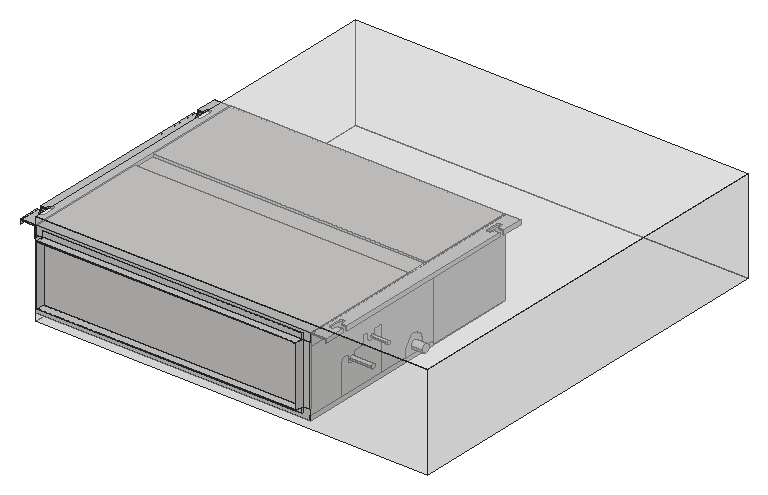
Revit family "outputfile", category 機械設備, Revit 2024
Family settings
  丸型コネクタ寸法 = 半径を使用
  パーツ タイプ = 標準
  OmniClass 番号 = 23.75.10.24.21.27.27
  OmniClass タイトル = Split System Air Conditioning Units
  作業面ベース = いいえ
  常に垂直 = はい
  ロード時にボイドで切り取り = いいえ
  注釈の向きを維持 = いいえ
  共有 = いいえ
  部屋計算ポイント = はい
Parameters (values of type "CDXP35RVMA")
  Description = ""
  書き出し IFC クラス(タイプ) = "IfcUnitaryEquipmentType"
  定義済み IFC タイプ(タイプ) = "AIRCONDITIONINGUNIT"
  Cost = 0
  Type Comments = ""
  Keynote = ""
  Type Image = (empty or 0)
  Assembly Code = ""
  switch_frequency = yes
  ld_powersupply = Depth / 2  # 310.0 mm
  製造元 = "Daikin"
  モデル = "CDXP35RVMA"
  r_Liquid Pipe Size = Liquid Pipe Size / 2  # 3.2 mm
  r_Gas Pipe Size = Gas Pipe Size / 2  # 4.75 mm
  r_Drain Pipe Size = Drain Pipe Size / 2  # 10.0 mm
  lw_powersupply = 50.0 mm  # constant formula
  lw_ductflange2 = 620.0 mm
  lw_Width = 660.0 mm
  lh_suctionflange [instance] = 100.0 mm  # constant formula
  ld_suctionflange [instance] = if(Rear Connection_Return Air, 190.0 mm, 100.0 mm)  # 190.0 mm
  connector_voltage = Voltage_50Hz  # 230 V
  connector_powerinput = if([Power Input (Cooling)] > [Power Input (Heating)], [Power Input (Cooling)], [Power Input (Heating)])  # 0.000 kW
  connector_phase = Phase_50Hz  # 1
  angle_vertical_RA [instance] = if(Rear Connection_Return Air, 90.00°, 0.00°)  # 90.00°
  angle horizontal_RA [instance] = if(Rear Connection_Return Air, 180.00°, 270.00°)  # 180.00°
  Voltage_comment_50Hz = "220 - 240"
  Voltage_50Hz = 230 V
  URL = ""
  Supply Air Direction [instance] = yes
  Sound Power Level_H speed (dB) = 0
  Rear Connection_Return Air [instance] = not(Bottom Connection_Return Air)  # yes
  RA_length [instance] = if(Rear Connection_Return Air, 190.0 mm, 100.0 mm)  # 190.0 mm
  Phase_50Hz = 1
  Minimum External Static Pressure = 0.00 Pa
  Minimum Circuit Amps_50Hz = 0.0 A
  Maximum Fuse Amps_50Hz = 0.0 A
  Maximum External Static Pressure = 30.00 Pa
  Material_Casing = DAIKIN_GalvanizedSteel_Casing_indoorunit
  lw_liquidpipe = 46.0 mm  # constant formula
  lw_gaspipe = 57.0 mm  # constant formula
  lw_mountinghole = 740.0 mm
  lw_drainpipe = 30.0 mm  # constant formula
  lh_powersupply = 150.0 mm  # constant formula
  lh_liquidpipe = 90.0 mm  # constant formula
  lh_gaspipe = 113.0 mm  # constant formula
  lh_mountinghole = Height  # 200.0 mm
  lh_drainpipe = 170.0 mm  # constant formula
  lh_antena = 1.0 mm  # constant formula
  ld_liquidpipe = 193.0 mm  # constant formula
  ld_gaspipe = 130.0 mm  # constant formula
  ld_mountinghole = 500.0 mm  # constant formula
  ld_drainpipe = 330.0 mm  # constant formula
  ld_controlbox = 626.0 mm  # constant formula
  h*** = 0.0 mm  # constant formula
  d_dischargeflange = 21.2 mm  # constant formula
  Width = 700.0 mm
  Version = "ver.1.0"
  Unit Type = "Duct(L.S.P)"
  Unit Mass Weight = 21.00 kg
  Unit Designation [instance] = ""
  Uniclass2015Version = "Products v1.30"
  Uniclass2015Title = "Split coil room air conditioning units"
  Uniclass2015Code = "Pr_70_65_03_86"
  Total Heating Capacity [instance] = 0.000 kW
  Total Cooling Capacity [instance] = 0.000 kW
  Sound Pressure Level_M speed (dBA) = 33
  Sound Pressure Level_L speed (dBA) = 31
  Sound Pressure Level_H speed (dBA) = 35
  Series = "Multi Split_Fan Coil Unit"
  Sensible Cooling Capacity [instance] = 0.000 kW
  SA Duct Size Width = 660.0 mm
  SA Duct Size Height = 153.0 mm
  Refrigerant Type = "R32"
  RA Duct Size Width = 580.0 mm
  RA Duct Size Height = 160.0 mm
  Power Input (Heating) = 0.000 kW
  Power Input (Cooling) = 0.000 kW
  Option Accessory 3 [instance] = ""
  Option Accessory 2 [instance] = ""
  Option Accessory 1 [instance] = ""
  Nominal Heating Capacity = 4.300 kW
  Nominal Cooling Capacity = 3.500 kW
  Minimum Airflow = 438.00 m³/h
  Median Airflow = 480.00 m³/h
  Maximum Airflow = 522.00 m³/h
  Load Classification = HVAC
  Liquid Pipe Size = 6.4 mm
  Link_Nested Family [instance] = ""
  IfcVersion = ""
  IfcExportType = "AIRCONDITIONINGUNIT"
  IfcExportAs = "IfcUnitaryEquipmentType"
  Height = 200.0 mm
  Heating Entering Wet Bulb Temperature [instance] = 0.00 °C
  Heating Entering Dry Bulb Temperature [instance] = 0.00 °C
  Heating Ambient Wet Bulb Temperature [instance] = 0.00 °C
  Heating Ambient Dry Bulb Temperature [instance] = 0.00 °C
  Heat Exchanger Type = "Cross Fin Coil"
  Gas Pipe Size = 9.5 mm
  Frequency_50Hz = 50 Hz
  Fan Type = "Sirocco Fan"
  Fan Drive = "Direct Drive"
  FCU Tag No. [instance] = ""
  Drain Pipe Size = 20.0 mm
  Design Supply Airflow [instance] = 0.00 m³/h
  Design Return Airflow [instance] = 0.00 m³/h
  Design External Static Pressure [instance] = 0.00 Pa
  Depth = 620.0 mm
  既定の高さ = 0.0 mm
  Cooling Entering Wet Bulb Temperature [instance] = 0.00 °C
  Cooling Entering Dry Bulb Temperature [instance] = 0.00 °C
  Cooling Ambient Wet Bulb Temperature [instance] = 0.00 °C
  Cooling Ambient Dry Bulb Temperature [instance] = 0.00 °C
  Clearance visibility [instance] = yes
  Clearance Top = 20.0 mm
  Clearance Right = 300.0 mm
  Clearance Rear = 400.0 mm
  Clearance Left = 0.0 mm
  Clearance Front = 0.0 mm
  Clearance Bottom = 20.0 mm
  Bottom Connection_Return Air [instance] = no
Reference planes
  plane 1 "Center (Front/Back)": y = 0
  plane 2: z = 0
  plane 3 "Center (Left/Right)": x = 0
  plane 4 "Back": y = 310
  plane 5 "Front": y = -310
  plane 6 "Left": x = -350
  plane 7 "Right": x = 350
  plane 8 "Top": z = 0
  plane 9 "Bottom": z = -200
  plane 10: x = -370
  plane 11: x = 370
  plane 12: y = 250
  plane 13: z = 0
  plane 14 "Clearance Left": x = -350
  plane 15 "Clearance Right": x = 650
  plane 16 "Clearance Rear": y = 710
  plane 17 "Clearance Front": y = -310
  plane 18 "Clearance Top": z = 20
  plane 19 "Clearance Bottom": z = -220
  plane 20: y = -250
  plane 21: z = -21
  plane 22: z = -97.5
  plane 23: x = -40
  plane 24: y = 120
  plane 25: z = -100
  plane 26: y = -180
  plane 27: z = -113
  plane 28: y = -117
  plane 29: z = -90
  plane 30: y = 20
  plane 31: z = -170
  plane 32: x = 407
  plane 33: x = 396
  plane 34: x = 380
  plane 35: x = 300
  plane 36: z = -150
Forms (mm)
  Extrusion 1, solid, material "DAIKIN_GalvanizedSteel_Casing_indoorunit" <- "Material_Casing"
    sketch origin (0, 0, 0) x (1, 0, 0) y (0, 1, 0)
      loop
        line (-350, -310) -> (350, -310) -> (350, 310) -> (-350, 310) -> (-350, -310)
    from -200 to 0
  Extrusion 2, void
    sketch origin (0, 0, 1) x (1, 0, 0) y (0, 1, 0)
      loop
        line (-350, 61.5) -> (-350, 3.5) -> (350, 3.5) -> (350, 61.5) -> (-350, 61.5)
    from -1 to -7
  Extrusion 3, solid, material "DAIKIN_GalvanizedSteel_Casing_indoorunit" <- "Material_Casing", visible <- "Bottom Connection_Return Air"
    sketch origin (0, 0, 0) x (1, 0, 0) y (0, 0, 1)
      loop
        line (269, -200) -> (269, -1) -> (-349, -1) -> (-349, -200) -> (269, -200)
    from -310 to -309
  Extrusion 4, solid, material "DAIKIN_GalvanizedSteel_Casing_indoorunit" <- "Material_Casing", visible <- "Rear Connection_Return Air"
    sketch origin (0, 0, 0) x (1, 0, 0) y (0, 1, 0)
      loop
        line (-349, 310) -> (-349, 111) -> (269, 111) -> (269, 310) -> (-349, 310)
    from -200 to -199
  Extrusion 5, solid, material "DAIKIN_GalvanizedSteel_Casing_indoorunit" <- "Material_Casing"
    sketch origin (350, 0, 0) x (0, 1, 0) y (0, 0, 1)
      loop
        circle (-180, -113) r 4.75
    from 0 to 57
  Extrusion 6, solid, material "DAIKIN_GalvanizedSteel_Casing_indoorunit" <- "Material_Casing"
    sketch origin (350, 0, 0) x (0, 1, 0) y (0, 0, 1)
      loop
        circle (-117, -90) r 3.2
    from 0 to 46
  Extrusion 7, solid, material "DAIKIN_GalvanizedSteel_Casing_indoorunit" <- "Material_Casing"
    sketch origin (350, 0, 0) x (0, 1, 0) y (0, 0, 1)
      loop
        circle (20, -170) r 10
    from 0 to 30
  Extrusion 8, solid, material "DAIKIN_GalvanizedSteel_Casing_indoorunit" <- "Material_Casing"
    sketch origin (350, 0, 0) x (0, 1, 0) y (0, 0, 1)
      loop
        line (-310, -200) -> (78.6, -200) -> (78.6, -193)
        arc (78.6, -193) -> (77.721, -190.879) -> (75.6, -190) r 3
        line (75.6, -190) -> (-310, -190) -> (-310, -200)
    from 0 to -1
  Extrusion 9, solid, material "DAIKIN_GalvanizedSteel_Casing_indoorunit" <- "Material_Casing"
    sketch origin (350, 0, 0) x (0, 1, 0) y (0, 0, 1)
      loop
        line (-210, -190) -> (-85.6, -190) -> (-85.6, -83)
        arc (-85.6, -83) -> (-86.479, -80.879) -> (-88.6, -80) r 3
        line (-88.6, -80) -> (-102, -80)
        arc (-102, -80) -> (-104.121, -80.879) -> (-105, -83) r 3
        line (-105, -83) -> (-105, -90)
        arc (-105, -90) -> (-117, -102) -> (-129, -90) r 12
        line (-129, -90) -> (-129, -83)
        arc (-129, -83) -> (-129.879, -80.879) -> (-132, -80) r 3
        line (-132, -80) -> (-136.1, -80)
        arc (-136.1, -80) -> (-138.221, -80.879) -> (-139.1, -83) r 3
        line (-139.1, -83) -> (-139.1, -102.7) -> (-165, -102.7)
        arc (-165, -102.7) -> (-167.121, -103.579) -> (-168, -105.7) r 3
        line (-168, -105.7) -> (-168, -113)
        arc (-168, -113) -> (-180, -125) -> (-192, -113) r 12
        line (-192, -113) -> (-192, -105.7)
        arc (-192, -105.7) -> (-192.879, -103.579) -> (-195, -102.7) r 3
        line (-195, -102.7) -> (-207, -102.7)
        arc (-207, -102.7) -> (-209.121, -103.579) -> (-210, -105.7) r 3
        line (-210, -105.7) -> (-210, -190)
    from 0 to -1
  Extrusion 10, solid, material "DAIKIN_GalvanizedSteel_Casing_indoorunit" <- "Material_Casing"
    sketch origin (350, 0, 0) x (0, 1, 0) y (0, 0, 1)
      loop
        arc (44.5, -170) -> (20, -145.5) -> (-4.5, -170) r 24.5
        line (-4.5, -170) -> (-4.5, -190) -> (44.5, -190) -> (44.5, -170)
    from 0 to -1
  Extrusion 11, solid, material "DAIKIN_GalvanizedSteel_Casing_indoorunit" <- "Material_Casing"
    sketch origin (350, 0, 0) x (0, 1, 0) y (0, 0, 1)
      loop
        arc (86.6, -22) -> (84.479, -22.879) -> (83.6, -25) r 3
        line (83.6, -25) -> (83.6, -194.5)
        arc (83.6, -194.5) -> (84.479, -196.621) -> (86.6, -197.5) r 3
        line (86.6, -197.5) -> (307, -197.5)
        arc (307, -197.5) -> (309.121, -196.621) -> (310, -194.5) r 3
        line (310, -194.5) -> (310, -25)
        arc (310, -25) -> (309.121, -22.879) -> (307, -22) r 3
        line (307, -22) -> (86.6, -22)
    from 0 to -1
Cuts and joins
  Extrusion 2 cuts Extrusion 1
Dimensions and locks
  "Height": plane 8 "Top" to plane 9 "Bottom"
  equal spacing: plane 10, plane 3 "Center (Left/Right)", plane 11
  "lw_mountinghole": plane 10 to plane 11
  equal spacing: plane 6 "Left", plane 3 "Center (Left/Right)", plane 7 "Right"
  "Width": plane 6 "Left" to plane 7 "Right"
  "Clearance Right": plane 7 "Right" to plane 15 "Clearance Right"
  "Clearance Left": plane 14 "Clearance Left" to plane 6 "Left"
  "Clearance Rear": plane 16 "Clearance Rear" to plane 4 "Back"
  "Clearance Front": plane 5 "Front" to plane 17 "Clearance Front"
  "Clearance Top": plane 18 "Clearance Top" to plane 8 "Top"
  "Clearance Bottom": plane 9 "Bottom" to plane 19 "Clearance Bottom"
  "Depth": plane 4 "Back" to plane 5 "Front"
  equal spacing: plane 4 "Back", plane 1 "Center (Front/Back)", plane 5 "Front"
  Extrusion 3 sketch curve to Extrusion 3 sketch curve = 199.0 mm
  locked: plane 20 to plane 5 "Front" at 60
  "ld_mountinghole": plane 12 to plane 20
  locked: plane 8 "Top" to plane 21 at 21
  locked: plane 23 to plane 3 "Center (Left/Right)" at 40
  "ld_suctionflange": plane 4 "Back" to plane 24
  "lh_suctionflange": plane 8 "Top" to plane 25
  "ld_gaspipe": plane 26 to plane 5 "Front"
  "lh_gaspipe": plane 8 "Top" to plane 27
  "ld_liquidpipe": plane 28 to plane 5 "Front"
  "lh_liquidpipe": plane 8 "Top" to plane 29
  "ld_drainpipe": plane 30 to plane 5 "Front"
  "lh_drainpipe": plane 8 "Top" to plane 31
  "lw_gaspipe": plane 7 "Right" to plane 32
  "lw_liquidpipe": plane 7 "Right" to plane 33
  "lw_drainpipe": plane 7 "Right" to plane 34
  "lw_powersupply": plane 35 to plane 7 "Right"
  "lh_powersupply": plane 8 "Top" to plane 36
  "r_Gas Pipe Size": radius of Extrusion 5 sketch curve
  "r_Liquid Pipe Size": radius of Extrusion 6 sketch curve
  "r_Drain Pipe Size": radius of Extrusion 7 sketch curve
  aligned and locked: level to plane 2
  aligned and locked: Extrusion 1 to plane 9 "Bottom"
  aligned and locked: plane 8 "Top" to Extrusion 1
  aligned and locked: plane 11 to nested 2
  aligned and locked: plane 10 to nested 3
  aligned and locked: plane 10 to nested 4
  aligned and locked: plane 8 "Top" to Extrusion 2
  aligned and locked: plane 9 "Bottom" to Extrusion 4  (x2)
  aligned and locked: plane 7 "Right" to cut or joined group of Extrusion 1, Extrusion 2  (x2)
  aligned and locked: plane 3 "Center (Left/Right)" to nested 9
  aligned and locked: plane 6 "Left" to nested 7
  aligned and locked: plane 8 "Top" to nested 9
  aligned and locked: plane 11 to nested 1
  aligned and locked: nested 6 to plane 1 "Center (Front/Back)"
  aligned and locked: plane 3 "Center (Left/Right)" to nested 6
  aligned and locked: level to plane 8 "Top"
  aligned and locked: plane 1 "Center (Front/Back)" to nested 9
  aligned and locked: plane 5 "Front" to nested 10
  aligned and locked: Extrusion 1 sketch curve to plane 5 "Front"
  aligned and locked: plane 21 to nested 10
  aligned and locked: nested 5 to plane 5 "Front"
  aligned and locked: plane 3 "Center (Left/Right)" to nested 5
  aligned and locked: plane 22 to nested 5
  aligned and locked: Extrusion 2 sketch curve to plane 6 "Left"
  aligned and locked: plane 7 "Right" to Extrusion 2 sketch curve
  aligned and locked: nested 11 to plane 23
  aligned and locked: nested 11 to plane 24
  aligned and locked: plane 27 to Extrusion 5 sketch curve
  aligned and locked: plane 26 to Extrusion 5 sketch curve
  aligned and locked: plane 28 to Extrusion 6 sketch curve
  aligned and locked: plane 29 to Extrusion 6 sketch curve
  aligned and locked: plane 31 to Extrusion 7 sketch curve
  aligned and locked: plane 30 to Extrusion 7 sketch curve
  aligned and locked: plane 26 to nested 12
  aligned and locked: nested 12 to plane 27
  aligned and locked: plane 32 to Extrusion 5
  aligned and locked: plane 32 to nested 12
  aligned and locked: plane 33 to Extrusion 6
  aligned and locked: plane 28 to nested 13
  aligned and locked: nested 13 to plane 29
  aligned and locked: plane 33 to nested 13
  aligned and locked: plane 34 to Extrusion 7
  aligned and locked: plane 30 to nested 14
  aligned and locked: nested 14 to plane 31
  aligned and locked: plane 34 to nested 14
  aligned and locked: Extrusion 8 sketch curve to plane 9 "Bottom"
  aligned and locked: Extrusion 8 sketch curve to plane 5 "Front"
  aligned and locked: plane 14 "Clearance Left" to nested 15
  aligned and locked: plane 15 "Clearance Right" to nested 15
  aligned and locked: plane 16 "Clearance Rear" to nested 15
  aligned and locked: nested 15 to plane 17 "Clearance Front"
  aligned and locked: nested 15 to plane 18 "Clearance Top"
  aligned and locked: nested 15 to plane 19 "Clearance Bottom"
  aligned and locked: nested 16 to plane 35
  aligned and locked: nested 16 to plane 36
  aligned and locked: plane 4 "Back" to nested 16
Automatic sketch dimensions
  Extrusion 1 sketch curve to plane 4 "Back" = 0.0 mm
  Extrusion 1 sketch curve to plane 6 "Left" = 0.0 mm
  Extrusion 1 sketch curve to plane 7 "Right" = 0.0 mm
  Extrusion 4 sketch curve to plane 4 "Back" = 0.0 mm
  plane 6 "Left" to Extrusion 3 sketch curve = 1.0 mm
  plane 6 "Left" to Extrusion 4 sketch curve = 1.0 mm
  Extrusion 4 sketch curve to plane 1 "Center (Front/Back)" = 111.0 mm
  Extrusion 3 sketch curve to plane 9 "Bottom" = 0.0 mm
  Extrusion 3 sketch curve to plane 7 "Right" = 81.0 mm
  Extrusion 4 sketch curve to plane 7 "Right" = 81.0 mm
  Extrusion 2 sketch curve to plane 1 "Center (Front/Back)" = 3.5 mm
  Extrusion 2 sketch curve to Extrusion 2 sketch curve = 58.0 mm
  plane 9 "Bottom" to Extrusion 8 sketch curve = 7.0 mm
  Extrusion 8 sketch curve to plane 24 = 44.4 mm
  Extrusion 8 sketch curve to Extrusion 8 sketch curve = 3.0 mm
  Extrusion 9 sketch curve to plane 27 = 0.0 mm
  Extrusion 9 sketch curve to plane 26 = 0.0 mm
  Extrusion 9 sketch curve to plane 29 = 0.0 mm
  Extrusion 9 sketch curve to plane 28 = 0.0 mm
  Extrusion 9 sketch curve to plane 26 = 12.0 mm
  Extrusion 9 sketch curve to plane 25 = 2.7 mm  (x2)
  Extrusion 9 sketch curve to Extrusion 9 sketch curve = 3.0 mm  (x6)
  Extrusion 9 sketch curve to Extrusion 9 sketch curve = 12.0 mm
  plane 9 "Bottom" to Extrusion 9 sketch curve = 10.0 mm
  Extrusion 9 sketch curve to plane 26 = 30.0 mm
  Extrusion 9 sketch curve to plane 28 = 22.1 mm
  Extrusion 9 sketch curve to Extrusion 9 sketch curve = 4.1 mm
  plane 29 to Extrusion 9 sketch curve = 7.0 mm  (x2)
  Extrusion 9 sketch curve to Extrusion 9 sketch curve = 13.4 mm
  Extrusion 10 sketch curve to plane 30 = 0.0 mm
  Extrusion 10 sketch curve to plane 31 = 0.0 mm
  plane 1 "Center (Front/Back)" to Extrusion 10 sketch curve = 4.5 mm
  plane 9 "Bottom" to Extrusion 10 sketch curve = 10.0 mm
  Extrusion 11 sketch curve to plane 4 "Back" = 0.0 mm
  Extrusion 11 sketch curve to Extrusion 11 sketch curve = 3.0 mm  (x3)
  Extrusion 11 sketch curve to plane 21 = 1.0 mm
  Extrusion 11 sketch curve to plane 21 = 4.0 mm
  Extrusion 11 sketch curve to plane 24 = 33.4 mm
  plane 9 "Bottom" to Extrusion 11 sketch curve = 5.5 mm
Nested families
  nested 1: "daikin_mountinghole" at (370, 250, -200), l_antenna <- "lh_antena", Link_Nested Family <- "Link_Nested Family", h_mountinghole <- "lh_mountinghole", type "daikin_mountinghole"
    with show yes, l_antenna 1.0 mm, h_mountinghole 200.0 mm, Link_Nested Family ""
  nested 2: "daikin_mountinghole" at (370, -250, -200), Link_Nested Family <- "Link_Nested Family", l_antenna <- "lh_antena", h_mountinghole <- "lh_mountinghole", type "daikin_mountinghole"
    with show yes, l_antenna 1.0 mm, h_mountinghole 200.0 mm, Link_Nested Family ""
  nested 3: "daikin_mountinghole" at (-370, -250, -200), l_antenna <- "lh_antena", Link_Nested Family <- "Link_Nested Family", h_mountinghole <- "lh_mountinghole", type "daikin_mountinghole"
    with show yes, l_antenna 1.0 mm, h_mountinghole 200.0 mm, Link_Nested Family ""
  nested 4: "daikin_mountinghole" at (-370, 250, -200), l_antenna <- "lh_antena", Link_Nested Family <- "Link_Nested Family", h_mountinghole <- "lh_mountinghole", type "daikin_mountinghole"
    with show yes, l_antenna 1.0 mm, h_mountinghole 200.0 mm, Link_Nested Family ""
  nested 5: "daikin_connector_rotate2" at (0, -310, -97.5), length <- "d_dischargeflange", type "daikin_connector_rotate2"
    with radius 10.0 mm, length 21.2 mm, angle_vertical 90.00°, show_face no
  nested 6: "daikin_△_symbolicline" at (-75, -129.904, 200) x (-0.5, 0.866, 0) z (0, 0, 1), built-in parameter 1001364 <- "Height", visible <- "Supply Air Direction", type "daikin_△_symbolicline"
    with length 300.0 mm
  nested 7: "daikin_ductflange_CDXP-RVMA_1" at (-40, 310, -100), visible <- "Rear Connection_Return Air", material <- "Material_Casing", width <- "lw_ductflange2", type "daikin_ductflange_CDXP-RVMA_1"
    with width 620.0 mm, material DAIKIN_GalvanizedSteel_Casing_indoorunit, height 180.0 mm, depth 21.2 mm
  nested 8: "daikin_ductflange_CDXP-RVMA_1" at (-40, 210, -200) x (1, 0, 0) z (0, 1, 0), visible <- "Bottom Connection_Return Air", material <- "Material_Casing", width <- "lw_ductflange2", type "daikin_ductflange_CDXP-RVMA_1"
    with width 620.0 mm, material DAIKIN_GalvanizedSteel_Casing_indoorunit, height 180.0 mm, depth 21.2 mm
  nested 9: "daikin_hangerfixture_CDXP-RVMA" at (0, 0, 0), type "daikin_hangerfixture_CDXP-RVMA"
  nested 10: "daikin_ductflange_CDXP-RVMA" at (0, 3.5, -364.201), width <- "lw_Width", material <- "Material_Casing", type "daikin_ductflange_CDXP-RVMA"
    with width 660.0 mm, material DAIKIN_GalvanizedSteel_Casing_indoorunit, height 155.0 mm, depth 21.2 mm
  nested 11: "daikin_connector_rotate3" at (-40, 120, -100), length <- "RA_length", angle_vertical <- "angle_vertical_RA", angle_horizontal <- "angle horizontal_RA", type "daikin_connector_rotate3"
    with show no, radius 10.0 mm, length 190.0 mm, angle_vertical 90.00°, angle_horizontal 180.00°
  nested 12: "daikin_connector_rotate2" at (350, -180, -113) x (0, 1, 0) z (0, 0, 1), length <- "lw_gaspipe", radius <- "r_Gas Pipe Size", type "daikin_connector_rotate2"
    with radius 4.75 mm, length 57.0 mm, angle_vertical 90.00°, show_face no
  nested 13: "daikin_connector_rotate2" at (350, -117, -90) x (0, 1, 0) z (0, 0, 1), radius <- "r_Liquid Pipe Size", length <- "lw_liquidpipe", type "daikin_connector_rotate2"
    with radius 3.2 mm, length 46.0 mm, angle_vertical 90.00°, show_face no
  nested 14: "daikin_connector_rotate2" at (350, 20, -170) x (0, 1, 0) z (0, 0, 1), radius <- "r_Drain Pipe Size", length <- "lw_drainpipe", type "daikin_connector_rotate2"
    with radius 10.0 mm, length 30.0 mm, angle_vertical 90.00°, show_face no
  nested 15: "daikin_clearancespace" at (150, 200, -99.881), visible <- "Clearance visibility", Link_Nested Family <- "Link_Nested Family", show <- "Clearance visibility", type "daikin_clearancespace"
    with width 1000.0 mm, show yes, height 240.0 mm, depth 1020.0 mm, Link_Nested Family ""
  nested 16: "daikin_connector_rotate2" at (300, 0, -150) x (-1, 0, 0) z (0, 0, 1), length <- "ld_powersupply", type "daikin_connector_rotate2"
    with radius 10.0 mm, length 310.0 mm, angle_vertical 90.00°, show_face no
Connectors
  hvac at (0, -331.2, -97.5), driven by "SA Duct Size Height", driven by "SA Duct Size Width"
    settings: on nested 5, index 1, duct flow 0.00 m³/h, flow factor 0, pres drop 0.00 Pa, loss coef 0, conn angle 0.00°, conn width 660.0 mm, conn height 153.0 mm, conn diameter 609.6 mm, duct sys type 1, conn prof type 1, flow config 0, flow direction 2, loss method 4, conn ref index -1, conn util no, is conn primary yes, conn desc "SA Duct"
  hvac at (-40, 310, -100), driven by "RA Duct Size Height", driven by "RA Duct Size Width"
    settings: on nested 11, index 2, duct flow 0.00 m³/h, flow factor 0, pres drop 0.00 Pa, loss coef 0, conn angle 0.00°, conn width 580.0 mm, conn height 160.0 mm, conn diameter 609.6 mm, duct sys type 2, conn prof type 1, flow config 0, flow direction 1, loss method 4, conn ref index -1, conn util no, is conn primary no, conn desc "RA Duct"
  piping at (407, -180, -113), diameter 9.5, driven by "r_Gas Pipe Size"
    settings: on nested 12, index 3, connector inside diameter 609.6 mm, connector length 0.0 mm, flow factor 0, pipe flow 0.00 m³/h, pressure drop 0.0 Pa, fitting loss kfactor 0, connector angle 0.00°, fixture units 0, engagement length 0.0 mm, angle of deflection 0.00°, flow configuration 1, flow direction 2, fitting loss method 0, system type 29, joint type 0, gender type 0, connector reference index -1, connector utility 0, adjustable connector no, is connector primary yes, connector description "Refrigerant Gas Piping"
  piping at (396, -117, -90), diameter 6.4, driven by "r_Liquid Pipe Size"
    settings: on nested 13, index 4, connector inside diameter 609.6 mm, connector length 0.0 mm, flow factor 0, pipe flow 0.00 m³/h, pressure drop 0.0 Pa, fitting loss kfactor 0, connector angle 0.00°, fixture units 0, engagement length 0.0 mm, angle of deflection 0.00°, flow configuration 1, flow direction 1, fitting loss method 0, system type 29, joint type 0, gender type 0, connector reference index -1, connector utility 0, adjustable connector no, is connector primary no, connector description "Refrigerant Liquid Piping"
  piping at (380, 20, -170), diameter 20, driven by "r_Drain Pipe Size"
    settings: on nested 14, index 5, connector inside diameter 609.6 mm, connector length 0.0 mm, flow factor 0, pipe flow 0.00 m³/h, pressure drop 0.0 Pa, fitting loss kfactor 0, connector angle 0.00°, fixture units 0, engagement length 0.0 mm, angle of deflection 0.00°, flow configuration 1, flow direction 2, fitting loss method 4, system type 16, joint type 0, gender type 0, connector reference index -1, connector utility 0, adjustable connector no, is connector primary no, connector description "Condensate Drain Piping"
  electrical at (300, 310, -150), driven by "Load Classification", driven by "connector_voltage", driven by "connector_powerinput", driven by "connector_phase"
    settings: on nested 16, index 6, voltage 230 V, apparent load 0 VA, apparent load phase1 0 VA, apparent load phase2 0 VA, apparent load phase3 0 VA, power factor 1, load classification "HVAC", number of poles 1, system type 30, power factor state 1, is connector primary yes, connector utility no, sub classification motor no, connector description "Power Supply"
Definition of nested family "daikin_ductflange_CDXP-RVMA_1"
  Parameters (values of type "daikin_ductflange_CDXP-RVMA_1")
    width [instance] = 620.0 mm
    material [instance] = none
    height [instance] = 180.0 mm
    depth [instance] = 21.2 mm
    Default Elevation = 0.0 mm
  Reference planes
    plane 1 "Center (Front/Back)": y = 0
    plane 2: z = 0
    plane 3 "Center (Left/Right)": x = 0
    plane 4: x = -310
    plane 5: x = 310
    plane 6: z = 90
    plane 7: z = -90
    plane 8: z = 100
    plane 9: z = -100
    plane 10: x = -309
    plane 11: x = 309
  Forms (mm)
    Extrusion 1, solid, material <- "material"
      sketch origin (0, 0, 0) x (1, 0, 0) y (0, 0, 1)
        loop
          line (-290, 80) -> (-290, -80) -> (290, -80) -> (290, 80) -> (-290, 80)
        loop
          line (-309, -99) -> (309, -99) -> (309, 99) -> (-309, 99) -> (-309, -99)
      from 0 to 1
  Dimensions and locks
    equal spacing: plane 5, plane 3 "Center (Left/Right)", plane 4, locked at 310 each
    "width": plane 5 to plane 4
    equal spacing: plane 6, level, plane 7, locked at 90 each
    "height": plane 6 to plane 7
    equal spacing: plane 8, level, plane 9, locked at 100 each
    locked: plane 8 to plane 9 at 200
    plane 10 to plane 4 = 1.0 mm
    locked: plane 5 to plane 11 at 1
    locked: Extrusion 1 sketch curve to Extrusion 1 sketch curve at 19  (x4)
    locked: plane 8 to Extrusion 1 sketch curve at 1
    locked: Extrusion 1 sketch curve to plane 9 at 1
    aligned and locked: level to plane 2
  Automatic sketch dimensions
    plane 4 to Extrusion 1 sketch curve = 1.0 mm
    Extrusion 1 sketch curve to plane 5 = 1.0 mm
Definition of nested family "daikin_hangerfixture_CDXP-RVMA"
  Parameters (values of type "daikin_hangerfixture_CDKS-EAVMA")
    width = 700.0 mm
    material = none
    height = 30.0 mm
    depth = 618.0 mm
    Default Elevation = 0.0 mm
  Reference planes
    plane 1 "Center (Front/Back)": y = 0
    plane 2: z = 0
    plane 3 "Center (Left/Right)": x = 0
    plane 4: x = 350
    plane 5: y = 309
    plane 6: y = -309
    plane 7: x = -350
    plane 8: z = -30
  Forms (mm)
    Extrusion 1, solid, material <- "material"
      sketch origin (0, 0, 0) x (1, 0, 0) y (0, 0, 1)
        loop
          line (350, 0) -> (350, -30) -> (352.3, -30) -> (352.3, -2.3) -> (387.7, -2.3) -> (387.7, -10) -> (390, -10) -> (390, 0) -> (350, 0)
      from -309 to 309
    Extrusion 2, void
      sketch origin (0, 0, 0) x (0, 1, 0) y (0, 0, 1)
        loop
          line (309, -30) -> (309, -17.979) -> (87.935, -17.979) -> (75.914, -30) -> (309, -30)
      from 0 to 450
    Extrusion 3, void
      sketch origin (0, 0, 0) x (1, 0, 0) y (0, 1, 0)
        loop
          line (390, -243.5) -> (377, -243.5) -> (377, -237)
          arc (377, -237) -> (370, -230) -> (363, -237) r 7
          line (363, -237) -> (363, -263)
          arc (363, -263) -> (370, -270) -> (377, -263) r 7
          line (377, -263) -> (377, -256.5) -> (390, -256.5) -> (390, -243.5)
        loop
          line (390, 243.5) -> (390, 256.5) -> (377, 256.5) -> (377, 263)
          arc (377, 263) -> (370, 270) -> (363, 263) r 7
          line (363, 263) -> (363, 237)
          arc (363, 237) -> (370, 230) -> (377, 237) r 7
          line (377, 237) -> (377, 243.5) -> (390, 243.5)
      from -254.96 to 618
    Extrusion 4, solid, material <- "material"
      sketch origin (0, 0, 0) x (-1, 0, 0) y (0, 0, -1)
        loop
          line (350, 0) -> (390, 0) -> (390, 10) -> (387.7, 10) -> (387.7, 2.3) -> (352.3, 2.3) -> (352.3, 30) -> (350, 30) -> (350, 0)
      from -309 to 309
    Extrusion 5, void
      sketch origin (0, 0, 0) x (-1, 0, 0) y (0, -1, 0)
        loop
          line (390, 243.5) -> (390, 256.5) -> (377, 256.5) -> (377, 263)
          arc (377, 263) -> (370, 270) -> (363, 263) r 7
          line (363, 263) -> (363, 237)
          arc (363, 237) -> (370, 230) -> (377, 237) r 7
          line (377, 237) -> (377, 243.5) -> (390, 243.5)
        loop
          line (390, -243.5) -> (377, -243.5) -> (377, -237)
          arc (377, -237) -> (370, -230) -> (363, -237) r 7
          line (363, -237) -> (363, -263)
          arc (363, -263) -> (370, -270) -> (377, -263) r 7
          line (377, -263) -> (377, -256.5) -> (390, -256.5) -> (390, -243.5)
      from -254.96 to 618
  Cuts and joins
    Extrusion 2, Extrusion 3, Extrusion 5 cuts Extrusion 1
    Extrusion 5 cuts Extrusion 4
  Dimensions and locks
    equal spacing: plane 5, plane 1 "Center (Front/Back)", plane 6
    "depth": plane 5 to plane 6
    plane 6 to plane 1 "Center (Front/Back)" to plane 5 = 309.0 mm, 309.0 mm
    equal spacing: plane 4, plane 3 "Center (Left/Right)", plane 7
    "width": plane 4 to plane 7
    "height": level to plane 8
    aligned and locked: level to plane 2
    aligned and locked: plane 5 to Extrusion 1
    aligned and locked: Extrusion 1 to plane 6
    aligned and locked: Extrusion 1 to plane 4
    aligned and locked: plane 5 to cut or joined group of Extrusion 1, Extrusion 2, Extrusion 3, Extrusion 5
    aligned and locked: cut or joined group of Extrusion 1, Extrusion 2, Extrusion 3, Extrusion 5 to plane 6
    aligned and locked: level to cut or joined group of Extrusion 1, Extrusion 2, Extrusion 3, Extrusion 5
    aligned and locked: cut or joined group of Extrusion 1, Extrusion 2, Extrusion 3, Extrusion 5 to plane 8
    aligned and locked: plane 5 to cut or joined group of Extrusion 4, Extrusion 5
    aligned and locked: cut or joined group of Extrusion 4, Extrusion 5 to plane 6
  Automatic sketch dimensions
    Extrusion 1 sketch curve to plane 4 = 0.0 mm
    Extrusion 1 sketch curve to plane 8 = 0.0 mm
    Extrusion 1 sketch curve to level = 0.0 mm
    plane 4 to Extrusion 1 sketch curve = 2.3 mm
    Extrusion 1 sketch curve to level = 2.3 mm
    Extrusion 1 sketch curve to Extrusion 1 sketch curve = 35.4 mm
    Extrusion 1 sketch curve to Extrusion 1 sketch curve = 2.3 mm
    Extrusion 1 sketch curve to Extrusion 1 sketch curve = 7.7 mm
    Extrusion 2 sketch curve to plane 8 = 0.0 mm
    Extrusion 2 sketch curve to plane 5 = 0.0 mm
    plane 8 to Extrusion 2 sketch curve = 12.021 mm
    Extrusion 2 sketch curve to plane 1 "Center (Front/Back)" = 87.935 mm
    Extrusion 2 sketch curve to Extrusion 2 sketch curve = 12.021 mm
    plane 4 to Extrusion 3 sketch curve = 13.0 mm  (x2)
    Extrusion 3 sketch curve to Extrusion 3 sketch curve = 7.0 mm  (x4)
    Extrusion 3 sketch curve to Extrusion 3 sketch curve = 13.0 mm  (x4)
    plane 6 to Extrusion 3 sketch curve = 46.0 mm
    Extrusion 3 sketch curve to Extrusion 3 sketch curve = 6.5 mm  (x4)
    Extrusion 3 sketch curve to plane 5 = 72.0 mm
    Extrusion 4 sketch curve to plane 7 = 0.0 mm
    Extrusion 4 sketch curve to plane 8 = 0.0 mm
    Extrusion 4 sketch curve to level = 0.0 mm
    Extrusion 4 sketch curve to plane 7 = 2.3 mm
    Extrusion 4 sketch curve to level = 2.3 mm
    Extrusion 4 sketch curve to Extrusion 4 sketch curve = 35.4 mm
    Extrusion 4 sketch curve to Extrusion 4 sketch curve = 2.3 mm
    Extrusion 4 sketch curve to Extrusion 4 sketch curve = 7.7 mm
    Extrusion 5 sketch curve to plane 7 = 13.0 mm  (x2)
    Extrusion 5 sketch curve to Extrusion 5 sketch curve = 7.0 mm  (x4)
    Extrusion 5 sketch curve to Extrusion 5 sketch curve = 13.0 mm  (x4)
    Extrusion 5 sketch curve to plane 5 = 46.0 mm
    Extrusion 5 sketch curve to Extrusion 5 sketch curve = 6.5 mm  (x4)
    plane 6 to Extrusion 5 sketch curve = 72.0 mm
Definition of nested family "daikin_ductflange_CDXP-RVMA"
  Parameters (values of type "daikin_ductflange_FXDQ-NDVET")
    width [instance] = 660.0 mm
    material [instance] = none
    height [instance] = 155.0 mm
    depth [instance] = 21.2 mm
    Default Elevation = 0.0 mm
  Reference planes
    plane 1 "Center (Front/Back)": y = 0
    plane 2: z = 189.201
    plane 3 "Center (Left/Right)": x = 0
    plane 4: y = -313.5
    plane 5: x = -330
    plane 6: x = 330
    plane 7: y = -334.7
    plane 8: z = 344.201
    plane 9: z = 266.701
    plane 10: z = 343.201
    plane 11: z = 190.201
  Forms (mm)
    Extrusion 1, solid, material <- "material"
      sketch origin (0, 0, 189.201) x (1, 0, 0) y (0, 1, 0)
        loop
          line (-330, -334.7) -> (-330, -313.5) -> (-350, -313.5) -> (-350, -314.5) -> (-331, -314.5) -> (-331, -334.7) -> (-330, -334.7)
        loop
          line (330, -334.7) -> (331, -334.7) -> (331, -314.5) -> (350, -314.5) -> (350, -313.5) -> (330, -313.5) -> (330, -334.7)
      from 1 to 154
    Extrusion 2, solid, material <- "material"
      sketch origin (0, 0, 0) x (0, 1, 0) y (0, 0, 1)
        loop
          line (-313.5, 343.201) -> (-313.5, 358.201) -> (-314.5, 358.201) -> (-314.5, 344.201) -> (-334.7, 344.201) -> (-334.7, 343.201) -> (-313.5, 343.201)
        loop
          line (-313.5, 190.201) -> (-334.7, 190.201) -> (-334.7, 189.201) -> (-314.5, 189.201) -> (-314.5, 175.201) -> (-313.5, 175.201) -> (-313.5, 190.201)
      from -330 to 330
  Dimensions and locks
    plane 4 to plane 1 "Center (Front/Back)" = 313.5 mm
    "depth": plane 7 to plane 4
    equal spacing: plane 8, plane 9, level
    "height": plane 8 to level
    equal spacing: plane 6, plane 3 "Center (Left/Right)", plane 5
    "width": plane 6 to plane 5
    locked: plane 8 to plane 10 at 1
    locked: plane 11 to level at 1
    locked: Extrusion 1 to Extrusion 2 sketch curve at 1
    locked: Extrusion 2 sketch curve to Extrusion 1 at 1
    plane 10 to plane 11 = 153.0 mm
    aligned and locked: level to plane 2
    aligned and locked: Extrusion 2 to plane 5
    aligned and locked: Extrusion 2 to plane 11
    aligned and locked: Extrusion 2 to plane 10
    aligned and locked: plane 6 to Extrusion 2
    aligned and locked: plane 5 to Extrusion 2  (x2)
    aligned and locked: plane 5 to Extrusion 1  (x2)
    aligned and locked: Extrusion 1 to plane 6
    aligned and locked: plane 6 to Extrusion 1
    aligned and locked: Extrusion 1 to plane 10
  Automatic sketch dimensions
    Extrusion 2 sketch curve to plane 7 = 0.0 mm  (x2)
    Extrusion 2 sketch curve to plane 4 = 0.0 mm  (x2)
    Extrusion 2 sketch curve to plane 11 = 0.0 mm
    Extrusion 2 sketch curve to plane 10 = 0.0 mm
    Extrusion 2 sketch curve to plane 4 = 1.0 mm  (x2)
    Extrusion 2 sketch curve to level = 14.0 mm
    plane 8 to Extrusion 2 sketch curve = 14.0 mm
    Extrusion 1 sketch curve to plane 4 = 0.0 mm  (x2)
    Extrusion 1 sketch curve to plane 7 = 0.0 mm  (x2)
    Extrusion 1 sketch curve to plane 5 = 0.0 mm
    Extrusion 1 sketch curve to plane 6 = 0.0 mm
    Extrusion 1 sketch curve to plane 5 = 1.0 mm
    Extrusion 1 sketch curve to Extrusion 1 sketch curve = 19.0 mm  (x2)
    Extrusion 1 sketch curve to Extrusion 1 sketch curve = 1.0 mm
    Extrusion 1 sketch curve to plane 4 = 1.0 mm  (x2)
Definition of nested family "daikin_clearancespace"
  Parameters (values of type "daikin_clearancespace")
    Description = "daikin_clearancespace"
    width [instance] = 1823.963 mm
    show [instance] = yes
    material = none
    height [instance] = 1359.762 mm
    depth [instance] = 880.0 mm
    Default Elevation = 0.0 mm
    Link_Nested Family [instance] = ""
  Reference planes
    plane 1 "Center (Front/Back)": y = 0
    plane 2 "Center (Elevation)": z = -0.119
    plane 3 "Center (Left/Right)": x = 0
    plane 4: y = 440
    plane 5: y = -440
    plane 6 "Right": x = 911.982
    plane 7 "Left": x = -911.982
    plane 8 "Top": z = 679.762
    plane 9 "Bottom": z = -680
  Forms (mm)
    Extrusion 1, solid, material <- "material", visible <- "show"
      sketch origin (0, 0, 0) x (1, 0, 0) y (0, 1, 0)
        loop
          line (-911.982, 440) -> (-911.982, -440) -> (911.982, -440) -> (911.982, 440) -> (-911.982, 440)
      from -680 to 679.762
  Lines and regions (mm)
    symbolic lines, visible <- "show"
      curve 1: line (911.982, 440, 0) -> (-911.982, 440, 0)
      curve 2: line (-911.982, 440, 0) -> (-911.982, -440, 0)
      curve 3: line (-911.982, -440, 0) -> (911.982, -440, 0)
      curve 4: line (911.982, -440, 0) -> (911.982, 440, 0)
      curve 5: line (911.982, 0, 679.762) -> (-911.982, 0, 679.762)
      curve 6: line (911.982, 0, -680) -> (911.982, 0, 679.762)
      curve 7: line (-911.982, 0, -680) -> (911.982, 0, -680)
      curve 8: line (-911.982, 0, 679.762) -> (-911.982, 0, -680)
      curve 9: line (0, 440, 679.762) -> (0, -440, 679.762)
      curve 10: line (0, -440, 679.762) -> (0, -440, -680)
      curve 11: line (0, 440, -680) -> (0, 440, 679.762)
      curve 12: line (0, -440, -680) -> (0, 440, -680)
  Dimensions and locks
    "width": plane 7 "Left" to plane 6 "Right"
    "depth": plane 4 to plane 5
    "height": plane 8 "Top" to plane 9 "Bottom"
    equal spacing: plane 7 "Left", plane 3 "Center (Left/Right)", plane 6 "Right"
    equal spacing: plane 4, plane 1 "Center (Front/Back)", plane 5
    equal spacing: plane 8 "Top", plane 2 "Center (Elevation)", plane 9 "Bottom"
    aligned and locked: level to plane 2 "Center (Elevation)"
    aligned and locked: Extrusion 1 sketch curve to plane 4
    aligned and locked: plane 7 "Left" to Extrusion 1 sketch curve
    aligned and locked: Extrusion 1 sketch curve to plane 5
    aligned and locked: Extrusion 1 sketch curve to plane 6 "Right"
    aligned and locked: plane 8 "Top" to Extrusion 1
    aligned and locked: curve 1 to Extrusion 1
    aligned and locked: curve 2 to Extrusion 1
    aligned and locked: curve 3 to Extrusion 1
    aligned and locked: curve 4 to Extrusion 1
    aligned and locked: curve 5 to Extrusion 1
    aligned and locked: curve 6 to Extrusion 1
    aligned and locked: curve 7 to Extrusion 1
    aligned and locked: curve 8 to Extrusion 1
    aligned and locked: curve 9 to Extrusion 1
    aligned and locked: curve 10 to Extrusion 1
    aligned and locked: curve 11 to Extrusion 1
    aligned and locked: curve 12 to Extrusion 1
    aligned and locked: Extrusion 1 to plane 9 "Bottom"
Definition of nested family "daikin_mountinghole"
  Parameters (values of type "daikin_mountinghole")
    Default Elevation = 1219.2 mm
    Type Comments = "mountinghole"
    show [instance] = yes
    material = none
    l_centerline = 100.0 mm
    l_antenna [instance] = 100.0 mm
    h_mountinghole [instance] = 0.0 mm
    d_circle = 30.0 mm
    Link_Nested Family [instance] = ""
  Reference planes
    plane 1 "Center (Front/Back)": y = 0
    plane 2: z = 0
    plane 3 "Center (Left/Right)": x = 0
    plane 4: y = 50
    plane 5: x = -50
    plane 6: x = 50
    plane 7: y = -50
    plane 8 "h_mountinghole": z = 0
    plane 9: z = 100
  Lines and regions (mm)
    model lines, detail levels fine
      curve 1: circle (0, 0, 0) r 15 normal (0, 0, 1)
      curve 2: line (-50, 0, 0) -> (50, 0, 0)
      curve 3: line (0, 50, 0) -> (0, -50, 0)
    symbolic lines, detail levels fine
      curve 4: circle (0, 0, 0) r 15 normal (0, 0, 1)
      curve 5: line (-50, 0, 0) -> (50, 0, 0)
      curve 6: line (0, 50, 0) -> (0, -50, 0)
    model lines
      curve 7: line (0, 0, 100) -> (0, 0, 0)
  Dimensions and locks
    equal spacing: plane 4, plane 1 "Center (Front/Back)", plane 7
    "l_centerline": plane 4 to plane 7
    equal spacing: plane 5, plane 3 "Center (Left/Right)", plane 6
    "l_centerline": plane 5 to plane 6
    "l_antenna": plane 9 to plane 8 "h_mountinghole"
    "h_mountinghole": plane 8 "h_mountinghole" to plane 2
    "d_circle": diameter of curve 1
    "d_circle": diameter of curve 4
    aligned and locked: level to plane 2
    aligned and locked: plane 1 "Center (Front/Back)" to curve 1
    aligned and locked: plane 3 "Center (Left/Right)" to curve 1
    aligned and locked: plane 1 "Center (Front/Back)" to curve 2
    aligned and locked: curve 3 to plane 3 "Center (Left/Right)"
    aligned and locked: plane 6 to curve 2
    aligned and locked: plane 5 to curve 2
    aligned and locked: plane 4 to curve 3
    aligned and locked: plane 7 to curve 3
    aligned and locked: plane 1 "Center (Front/Back)" to curve 4
    aligned and locked: plane 3 "Center (Left/Right)" to curve 4
    aligned and locked: plane 6 to curve 5
    aligned and locked: plane 5 to curve 5
    aligned and locked: plane 1 "Center (Front/Back)" to curve 5
    aligned and locked: plane 4 to curve 6
    aligned and locked: plane 7 to curve 6
    aligned and locked: curve 6 to plane 3 "Center (Left/Right)"
    aligned and locked: curve 7 to plane 3 "Center (Left/Right)"
    aligned and locked: plane 9 to curve 7
    aligned and locked: plane 8 "h_mountinghole" to curve 7
Definition of nested family "daikin_connector_rotate2"
  Parameters (values of type "daikin_connector_rotate2")
    show_face = yes
    radius [instance] = 10.0 mm
    length [instance] = 600.0 mm
    d_surface = 10.0 mm
    angle_vertical [instance] = 90.00°
    Default Elevation = 0.0 mm
  Reference planes
    plane 1 "Center (Front/Back)": y = 0
    plane 2: z = 0
    plane 3 "Center (Left/Right)": x = 0
  Forms (mm)
    Extrusion 1, solid, visible <- "show_face"
      sketch origin (0, -600, 0) x (1, 0, 0) y (0, 0, 1)
        loop
          circle (0, 0) r 10
      from 0 to -10
  Lines and regions (mm)
    reference lines
      curve 1: line (0, 0, 0) -> (0, -600, 0)
    symbolic lines
      curve 2: circle (0, 0, 0) r 5 normal (0, 0, 1)
    model lines, visible <- "show_face"
      curve 3: line (0, 0, 0) -> (0, -600, 0)
  Dimensions and locks
    "length": curve 1 to curve 1
    "length": curve 3 to curve 3
    "d_surface": Extrusion 1 to Extrusion 1
    "radius": radius of Extrusion 1 sketch curve
    "angle_vertical": angle curve 1 to plane 1 "Center (Front/Back)"
    "angle_vertical": angle curve 3 to plane 1 "Center (Front/Back)"
    aligned and locked: level to plane 2
    aligned and locked: plane 1 "Center (Front/Back)" to curve 1
    aligned and locked: plane 2 to curve 1
    aligned and locked: plane 1 "Center (Front/Back)" to curve 2
    aligned and locked: plane 3 "Center (Left/Right)" to curve 2
    aligned and locked: plane 1 "Center (Front/Back)" to curve 3
    aligned and locked: plane 2 to curve 3
    aligned and locked: Extrusion 1 to Extrusion 1
  Automatic sketch dimensions
    Extrusion 1 sketch curve to level = 0.0 mm
    Extrusion 1 sketch curve to plane 3 "Center (Left/Right)" = 0.0 mm
    radius of curve 2 = 5.0 mm
Definition of nested family "daikin_△_symbolicline"
  Parameters (values of type "daikin_△_symbolicline")
    length [instance] = 500.0 mm
    Default Elevation = 0.0 mm
  Reference planes
    plane 1 "Center (Front/Back)": y = 0
    plane 2: z = 0
    plane 3 "Center (Left/Right)": x = 0
  Lines and regions (mm)
    symbolic lines
      curve 1: line (0, -433.013, 0) -> (250, 0, 0)
      curve 2: line (250, 0, 0) -> (-250, 0, 0)
      curve 3: line (-250, 0, 0) -> (0, -433.013, 0)
  Dimensions and locks
    equal spacing: curve 3, plane 3 "Center (Left/Right)", curve 2
    "length": curve 3 to curve 2
    "length": curve 3 to curve 3
    "length": curve 1 to curve 1
    aligned and locked: level to plane 2
    aligned and locked: curve 2 to plane 1 "Center (Front/Back)"
    aligned and locked: plane 3 "Center (Left/Right)" to curve 3
Definition of nested family "daikin_connector_rotate3"
  Parameters (values of type "daikin_connector_rotate3")
    Default Elevation = 1219.2 mm
    show [instance] = yes
    radius [instance] = 10.0 mm
    length [instance] = 600.0 mm
    angle_horizontal [instance] = 60.00°
    angle_vertical [instance] = 90.00°
  Reference planes
    plane 1 "Center (Front/Back)": y = 0
    plane 2: z = 0
    plane 3 "Center (Left/Right)": x = 0
  Dimensions and locks
    "angle_horizontal": angle plane 3 "Center (Left/Right)" to nested 1
    aligned and locked: level to plane 2
    aligned and locked: plane 1 "Center (Front/Back)" to nested 1  (x2)
    aligned and locked: plane 3 "Center (Left/Right)" to nested 1
  Nested families
    nested 1: "daikin_connector_rotate2" at (0, 0, 0) x (0.5, 0.866, 0) z (0, 0, 1), angle_vertical <- "angle_vertical", length <- "length", radius <- "radius", type "daikin_connector_rotate2"
      with radius 10.0 mm, length 600.0 mm, angle_vertical 90.00°
  Definition of nested family "daikin_connector_rotate2"
    Parameters (values of type "daikin_connector_rotate2")
      show_face = yes
      radius [instance] = 10.0 mm
      length [instance] = 600.0 mm
      d_surface = 10.0 mm
      angle_vertical [instance] = 90.00°
      Default Elevation = 0.0 mm
    Reference planes
      plane 1 "Center (Front/Back)": y = 0
      plane 2: z = 0
      plane 3 "Center (Left/Right)": x = 0
    Forms (mm)
      Extrusion 1, solid, visible <- "show_face"
        sketch origin (0, -600, 0) x (1, 0, 0) y (0, 0, 1)
          loop
            circle (0, 0) r 10
        from 0 to -10
    Lines and regions (mm)
      reference lines
        curve 1: line (0, 0, 0) -> (0, -600, 0)
      symbolic lines
        curve 2: circle (0, 0, 0) r 5 normal (0, 0, 1)
      model lines, visible <- "show_face"
        curve 3: line (0, 0, 0) -> (0, -600, 0)
    Dimensions and locks
      "length": curve 1 to curve 1
      "length": curve 3 to curve 3
      "d_surface": Extrusion 1 to Extrusion 1
      "radius": radius of Extrusion 1 sketch curve
      "angle_vertical": angle curve 1 to plane 1 "Center (Front/Back)"
      "angle_vertical": angle curve 3 to plane 1 "Center (Front/Back)"
      aligned and locked: level to plane 2
      aligned and locked: plane 1 "Center (Front/Back)" to curve 1
      aligned and locked: plane 2 to curve 1
      aligned and locked: plane 1 "Center (Front/Back)" to curve 2
      aligned and locked: plane 3 "Center (Left/Right)" to curve 2
      aligned and locked: plane 1 "Center (Front/Back)" to curve 3
      aligned and locked: plane 2 to curve 3
      aligned and locked: Extrusion 1 to Extrusion 1
    Automatic sketch dimensions
      Extrusion 1 sketch curve to level = 0.0 mm
      Extrusion 1 sketch curve to plane 3 "Center (Left/Right)" = 0.0 mm
      radius of curve 2 = 5.0 mm
